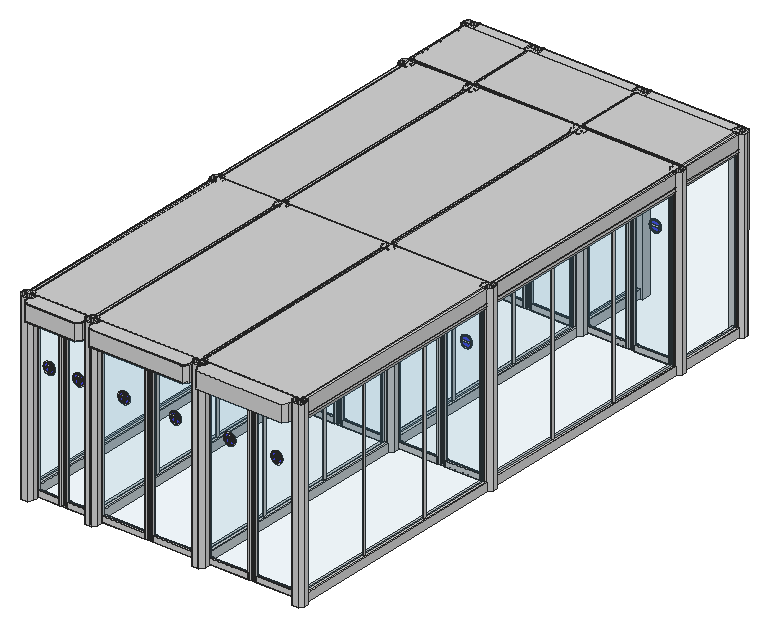
Revit family "ASSA_ABLOY_SecurityPortals_EL_Triple", category Doors, Revit 2020 (continued)
Definition of nested family "Panel"
  Automatic sketch dimensions
    curve 1 to Extrusion 6 sketch curve = 15.00 mm
    Extrusion 6 sketch curve to curve 1 = 8.00 mm
    Extrusion 6 sketch curve to Extrusion 6 sketch curve = 215.45 mm
    curve 1 to Sweep 7 sketch curve = 0.00 mm
    curve 1 to Sweep 7 sketch curve = 1.002 mm
    Sweep 8 sketch curve to curve 1 = 8.00 mm
    Sweep 8 sketch curve to Sweep 8 sketch curve = 1.00 mm
    curve 1 to Sweep 9 sketch curve = 0.00 mm
    curve 1 to Sweep 9 sketch curve = 1.002 mm
    Sweep 10 sketch curve to curve 1 = 8.00 mm
    Sweep 10 sketch curve to Sweep 10 sketch curve = 1.00 mm
    curve 2 to curve 1 = 0.00 mm  (x2)
    curve 1 to curve 2 = 8.00 mm
    Sweep 1 sketch curve to profile plane = 0.00 mm
    profile plane to Sweep 1 sketch curve = 0.00 mm
    Sweep 1 sketch curve to profile plane = 12.00 mm
    Sweep 1 sketch curve to Sweep 1 sketch curve = 3.00 mm
    profile plane to Sweep 1 sketch curve = 2.00 mm
    Sweep 1 sketch curve to Sweep 1 sketch curve = 13.00 mm
    Sweep 1 sketch curve to profile plane = 11.40 mm
    Sweep 1 sketch curve to Sweep 1 sketch curve = 1.829 mm
    Sweep 1 sketch curve to Sweep 1 sketch curve = 9.771 mm  (x2)
    Sweep 2 sketch curve to profile plane = 15.001 mm
    Sweep 2 sketch curve to Sweep 2 sketch curve = 3.001 mm
    Sweep 2 sketch curve to profile plane = 11.461 mm
    Sweep 2 sketch curve to profile plane = 4.002 mm
    profile plane to Sweep 2 sketch curve = 1.998 mm
    profile plane to Sweep 2 sketch curve = 4.00 mm
    Sweep 2 sketch curve to Sweep 2 sketch curve = 7.459 mm
    Sweep 2 sketch curve to Sweep 2 sketch curve = 13.00 mm
    profile plane to Sweep 2 sketch curve = 50.643 mm
    Sweep 2 sketch curve to Sweep 2 sketch curve = 0.00 mm
    Sweep 2 sketch curve to Sweep 2 sketch curve = 11.593 mm
    Sweep 2 sketch curve to Sweep 2 sketch curve = 3.40 mm  (x2)
    profile plane to Sweep 2 sketch curve = 13.245 mm  (x2)
    profile plane to Sweep 2 sketch curve = 7.655 mm  (x2)
    Sweep 2 sketch curve to profile plane = 7.349 mm
    curve 1 to Sweep 4 sketch curve = 33.008 mm
    curve 4 to curve 12 = 0.00 mm
    curve 12 to curve 4 = 8.00 mm
    curve 12 to curve 4 = 0.00 mm
    curve 5 to curve 13 = 0.00 mm
    curve 13 to curve 5 = 8.00 mm
    curve 13 to curve 5 = 0.00 mm
    curve 6 to curve 14 = 0.00 mm
    curve 14 to curve 6 = 8.00 mm
    curve 14 to curve 6 = 0.00 mm
    curve 7 to curve 15 = 0.00 mm
    curve 15 to curve 7 = 8.00 mm
    curve 15 to curve 7 = 0.00 mm
    curve 8 to curve 16 = 0.00 mm
    curve 16 to curve 8 = 8.00 mm
    curve 16 to curve 8 = 0.00 mm
    curve 9 to curve 17 = 0.00 mm
    curve 17 to curve 9 = 8.00 mm
    curve 17 to curve 9 = 0.00 mm
    curve 10 to curve 18 = 0.00 mm
    curve 18 to curve 10 = 8.00 mm
    curve 18 to curve 10 = 0.00 mm
    Sweep 11 sketch curve to profile plane = 15.001 mm
    Sweep 11 sketch curve to Sweep 11 sketch curve = 3.00 mm
    profile plane to Sweep 11 sketch curve = 2.65 mm  (x2)
    Sweep 11 sketch curve to profile plane = 11.999 mm
    Sweep 11 sketch curve to profile plane = 4.999 mm
    Sweep 11 sketch curve to profile plane = 4.50 mm
    profile plane to Sweep 11 sketch curve = 1.998 mm
    profile plane to Sweep 11 sketch curve = 4.50 mm
    profile plane to Sweep 11 sketch curve = 4.997 mm
    Sweep 11 sketch curve to Sweep 11 sketch curve = 7.00 mm
    Sweep 11 sketch curve to Sweep 11 sketch curve = 13.00 mm
    Sweep 11 sketch curve to Sweep 11 sketch curve = 11.50 mm
    Sweep 11 sketch curve to Sweep 11 sketch curve = 2.50 mm  (x2)
    Sweep 11 sketch curve to Sweep 11 sketch curve = 19.00 mm  (x2)
    Sweep 11 sketch curve to Sweep 11 sketch curve = 3.40 mm
    Sweep 11 sketch curve to Sweep 11 sketch curve = 11.593 mm
    Sweep 11 sketch curve to Sweep 11 sketch curve = 14.993 mm
    curve 19 to Sweep 5 sketch curve = 23.00 mm
    curve 3 to curve 20 = 0.00 mm
    curve 20 to curve 3 = 8.00 mm
    curve 20 to curve 3 = 0.00 mm
    curve 23 to curve 24 = 176.65 mm
    curve 21 to curve 25 = 176.65 mm
    curve 1 to curve 29 = 0.00 mm
    curve 27 to curve 29 = 3.60 mm
    curve 21 to curve 30 = 173.05 mm
    curve 29 to curve 27 = 4.00 mm
    curve 33 to curve 25 = 12.998 mm
    curve 23 to curve 34 = 3.00 mm
    curve 35 to curve 25 = 13.00 mm
    curve 36 to curve 36 = 3.00 mm
    curve 11 to curve 1 = 0.00 mm  (x2)
    curve 19 to curve 1 = 0.00 mm  (x2)
    curve 3 to curve 1 = 0.00 mm
    curve 4 to curve 1 = 0.00 mm
    curve 10 to curve 1 = 0.00 mm
    curve 5 to curve 1 = 0.00 mm
    curve 9 to curve 1 = 0.00 mm
    curve 6 to curve 1 = 0.00 mm
    curve 8 to curve 1 = 0.00 mm
    curve 7 to curve 1 = 0.00 mm
    curve 1 to curve 11 = 40.00 mm
    curve 3 to curve 1 = 27.063 mm
    curve 6 to curve 1 = 37.698 mm
    curve 5 to curve 6 = 0.00 mm
    curve 4 to curve 5 = 0.00 mm
    curve 7 to curve 1 = 40.00 mm
    curve 1 to curve 10 = 40.00 mm
    curve 9 to curve 10 = 0.00 mm
    curve 8 to curve 9 = 0.00 mm
    radius of Sweep 7 sketch curve = 75.00 mm
    radius of Sweep 7 sketch curve = 65.00 mm
    radius of Sweep 8 sketch curve = 75.00 mm
    radius of Sweep 8 sketch curve = 65.00 mm
    radius of Sweep 9 sketch curve = 65.00 mm
    radius of Sweep 10 sketch curve = 65.00 mm
Definition of nested family "Advance"
  Parameters (values of type "Advance")
    Width = 500.00 mm
    URL = ""
    Type Comments = ""
    ThirdPassageWidth = 500.00 mm
    Thickness = 0.00 mm
    Sensor = none
    SecondPassageWidth = 500.00 mm
    Rubber = none
    Rough Width = 979.00 mm
    Rough Height = 2515.00 mm
    PassageWidth = 500.00 mm
    PassageHeight = 2100.00 mm
    PanelGlass = none
    PHeight = if(PassageHeight > MinHeight, if(PassageHeight < MaxHeight, PassageHeight, MaxHeight), MinHeight)  # 2150.00 mm
    Operation = "Automatic"
    Model = ""
    MinHeight = 2150.00 mm  # constant formula
    MaxHeight = 2300.00 mm  # constant formula
    Manufacturer = ""
    Length = 500.00 mm
    Keynote = ""
    Height = 2515.00 mm
    Function = 1
    Frames = none
    FrameMaterial = none
    Fire Rating = ""
    Description = ""
    Cost = 0
    Construction Type = "Automatic Sliding Door"
    Assembly Code = ""
    Analytic Construction = "<None>"
    Alarm = none
    3Row [instance] = no
    2RowPoll [instance] = not(or([3Row], [1Row]))  # no
    2Row [instance] = no
    1Row [instance] = not(or([2Row], [3Row]))  # yes
  Reference planes
    plane 1 "Entry": y = 0
    plane 2: z = 0
    plane 3 "Center (Left/Right)": x = 0
    plane 4 "Top": z = 2311
    plane 5 "PH": z = 2100
    plane 6: x = -250
    plane 7: x = 250
    plane 8: x = 273.1
    plane 9: x = -273.1
    plane 10: x = 328.05
    plane 11: x = 336.25
    plane 12: x = -328.05
    plane 13: x = -336.25
    plane 14: z = 70.9
    plane 15: z = 2080.9
    plane 16: x = -248.75
    plane 17: x = -414.5
    plane 18: x = -664.5
    plane 19: x = -914.5
    plane 20: x = -1079
    plane 21: x = -1329
    plane 22: x = -1579
    plane 23: x = -1743.5
    plane 24: x = -996.75
    plane 25: x = -1661.25
    plane 26: x = -1665.35
    plane 27: x = -1657.15
    plane 28: x = -992.65
    plane 29: x = -1000.85
    plane 30: x = -293.15
    plane 31: x = 293.15
    plane 32: x = -371.15
    plane 33: x = -957.75
    plane 34: x = -1035.75
    plane 35: x = -1622.25
    plane 36: y = 500
    plane 37: x = -376.75
    plane 38: x = -952.25
    plane 39: x = -1041.25
    plane 40: x = -1616.75
    plane 41: y = 646.21
    plane 42: y = 651.81
    plane 43: y = 649.58
  Forms (mm)
    Sweep 1, solid, material <- "Frames"
      path origin (0, -40, 2100) x (-1, 0, 0) y (0, -1, 0)
        loop
          line (-250, -40) -> (-250, -540)
      profile origin (250, 250, 2100) x (-1, 0, 0) y (0, 0, 1)
        loop
          line (-60.47, -28.7) -> (-43.15, 1.3) -> (-43.15, 38.1) -> (-115.65, 38.1)
          arc (-115.65, 38.1) -> (-118.125, 39.125) -> (-119.15, 41.6) r 3.5
          line (-119.15, 41.6) -> (-119.15, 105.35) -> (-46.15, 105.35) -> (-46.15, 142.35) -> (-119.15, 142.35) -> (-119.15, 206.6)
          arc (-119.15, 206.6) -> (-118.271, 208.721) -> (-116.15, 209.6) r 3
          line (-116.15, 209.6) -> (-71.15, 209.6) -> (-71.15, 211.6) -> (-116.15, 211.6)
          arc (-116.15, 211.6) -> (-119.686, 210.136) -> (-121.15, 206.6) r 5
          line (-121.15, 206.6) -> (-121.15, 41.6)
          arc (-121.15, 41.6) -> (-119.539, 37.711) -> (-115.65, 36.1) r 5.5
          line (-115.65, 36.1) -> (-115.65, 35.1) -> (-121.15, 35.1) -> (-121.15, 1.3) -> (-103.83, -28.7) -> (-92.15, -28.7) -> (-92.15, -33.1) -> (-89.15, -33.1) -> (-89.15, -19.1) -> (-75.15, -19.1) -> (-75.15, -33.1) -> (-72.15, -33.1) -> (-72.15, -28.7) -> (-60.47, -28.7)
    Sweep 2, solid, material <- "Frames"
      path origin (0, -40, 2100) x (1, 0, 0) y (0, -1, 0)
        loop
          line (-250, -40) -> (-250, -540)
      profile origin (-250, 250, 2100) x (-1, 0, 0) y (0, 0, 1)
        loop
          line (60.47, -28.7) -> (72.15, -28.7) -> (72.15, -33.1) -> (75.15, -33.1) -> (75.15, -19.1) -> (89.15, -19.1) -> (89.15, -33.1) -> (92.15, -33.1) -> (92.15, -28.7) -> (103.83, -28.7) -> (121.15, 1.3) -> (121.15, 35.1) -> (115.65, 35.1) -> (115.65, 36.1)
          arc (115.65, 36.1) -> (119.539, 37.711) -> (121.15, 41.6) r 5.5
          line (121.15, 41.6) -> (121.15, 206.6)
          arc (121.15, 206.6) -> (119.686, 210.136) -> (116.15, 211.6) r 5
          line (116.15, 211.6) -> (71.15, 211.6) -> (71.15, 209.6) -> (116.15, 209.6)
          arc (116.15, 209.6) -> (118.271, 208.721) -> (119.15, 206.6) r 3
          line (119.15, 206.6) -> (119.15, 142.35) -> (46.15, 142.35) -> (46.15, 105.35) -> (119.15, 105.35) -> (119.15, 41.6)
          arc (119.15, 41.6) -> (118.125, 39.125) -> (115.65, 38.1) r 3.5
          line (115.65, 38.1) -> (43.15, 38.1) -> (43.15, 1.3) -> (60.47, -28.7)
    Extrusion 3, solid, material <- "Frames"
      sketch origin (0, -45, 2100) x (-1, 0, 0) y (0, -1, 0)
        loop
          line (293.15, -45) -> (-293.15, -45) -> (-293.15, -545) -> (-250, -545) -> (-250, -631.253) -> (-287.465, -691.21) -> (-287.465, -694.58) -> (285.794, -694.58) -> (285.794, -692.412) -> (250, -666.476) -> (250, -545) -> (293.15, -545) -> (293.15, -45)
      from 0 to 10
    Extrusion 4, solid, material <- "Frames", visible <- "2Row"
      sketch origin (-814.5, -45, 2100) x (-1, 0, 0) y (0, -1, 0)
        loop
          line (143.25, -45) -> (-443.35, -45) -> (-443.35, -545) -> (-400, -545) -> (-400, -666.608) -> (-435.75, -692.573) -> (-435.75, -694.58) -> (135.719, -694.58) -> (135.719, -692.548) -> (100, -666.667) -> (100, -545) -> (143.25, -545) -> (143.25, -45)
      from 0 to 10
    Extrusion 5, solid, material <- "Frames", visible <- "3Row"
      sketch origin (-1629, -45, 2100) x (-1, 0, 0) y (0, -1, 0)
        loop
          line (-6.75, -45) -> (-593.25, -45) -> (-593.25, -545) -> (-550, -545) -> (-550, -666.34) -> (-584.242, -691.21) -> (-12.535, -691.21) -> (-50, -666.399) -> (-50, -545) -> (-6.75, -545) -> (-6.75, -45)
      from 0 to 10
    Sweep 6, solid, material <- "Frames", visible <- "2Row"
      path origin (-814.6, -40, 2100) x (1, 0, 0) y (0, -1, 0)
        loop
          line (-100, -40) -> (-100, -540)
      profile origin (-914.6, 250, 2100) x (-1, 0, 0) y (0, 0, 1)
        loop
          line (60.47, -28.7) -> (72.15, -28.7) -> (72.15, -33.1) -> (75.15, -33.1) -> (75.15, -19.1) -> (89.15, -19.1) -> (89.15, -33.1) -> (92.15, -33.1) -> (92.15, -28.7) -> (103.83, -28.7) -> (121.15, 1.3) -> (121.15, 35.1) -> (115.65, 35.1) -> (115.65, 36.1)
          arc (115.65, 36.1) -> (119.539, 37.711) -> (121.15, 41.6) r 5.5
          line (121.15, 41.6) -> (121.15, 206.6)
          arc (121.15, 206.6) -> (119.686, 210.136) -> (116.15, 211.6) r 5
          line (116.15, 211.6) -> (71.15, 211.6) -> (71.15, 209.6) -> (116.15, 209.6)
          arc (116.15, 209.6) -> (118.271, 208.721) -> (119.15, 206.6) r 3
          line (119.15, 206.6) -> (119.15, 142.35) -> (46.15, 142.35) -> (46.15, 105.35) -> (119.15, 105.35) -> (119.15, 41.6)
          arc (119.15, 41.6) -> (118.125, 39.125) -> (115.65, 38.1) r 3.5
          line (115.65, 38.1) -> (43.15, 38.1) -> (43.15, 1.3) -> (60.47, -28.7)
    Sweep 7, solid, material <- "Frames", visible <- "3Row"
      path origin (-1629.1, -40, 2100) x (1, 0, 0) y (0, -1, 0)
        loop
          line (50, -40) -> (50, -540)
      profile origin (-1579.1, 250, 2100) x (-1, 0, 0) y (0, 0, 1)
        loop
          line (60.47, -28.7) -> (72.15, -28.7) -> (72.15, -33.1) -> (75.15, -33.1) -> (75.15, -19.1) -> (89.15, -19.1) -> (89.15, -33.1) -> (92.15, -33.1) -> (92.15, -28.7) -> (103.83, -28.7) -> (121.15, 1.3) -> (121.15, 35.1) -> (115.65, 35.1) -> (115.65, 36.1)
          arc (115.65, 36.1) -> (119.539, 37.711) -> (121.15, 41.6) r 5.5
          line (121.15, 41.6) -> (121.15, 206.6)
          arc (121.15, 206.6) -> (119.686, 210.136) -> (116.15, 211.6) r 5
          line (116.15, 211.6) -> (71.15, 211.6) -> (71.15, 209.6) -> (116.15, 209.6)
          arc (116.15, 209.6) -> (118.271, 208.721) -> (119.15, 206.6) r 3
          line (119.15, 206.6) -> (119.15, 142.35) -> (46.15, 142.35) -> (46.15, 105.35) -> (119.15, 105.35) -> (119.15, 41.6)
          arc (119.15, 41.6) -> (118.125, 39.125) -> (115.65, 38.1) r 3.5
          line (115.65, 38.1) -> (43.15, 38.1) -> (43.15, 1.3) -> (60.47, -28.7)
    Sweep 8, solid, material <- "Frames"
      path origin (0, -22.55, 0) x (1, 0, 0) y (0, 0, 1)
        loop
          line (250, 0) -> (250, 2311)
      profile origin (250, -22.55, 1155.5) x (1, 0, 0) y (0, 1, 0)
        loop
          line (37.465, 668.76) -> (0, 608.803) -> (0, 522.55) -> (69.55, 522.55) -> (69.55, 542.55) -> (94.75, 542.55) -> (94.75, 522.55) -> (126.752, 522.55) -> (164.5, 560.298) -> (164.5, 608.803) -> (127.035, 668.76) -> (37.465, 668.76)
        loop
          line (93.15, 643.76) -> (93.15, 630.06) -> (84.65, 630.06) -> (84.65, 593.5) -> (121.65, 593.5) -> (121.65, 584) -> (144.6, 584) -> (144.6, 605.303) -> (162, 605.303) -> (162, 607.057) -> (127.78, 661.863) -> (110.85, 661.863) -> (110.85, 653.76) -> (100.15, 653.76) -> (100.15, 643.76) -> (93.15, 643.76)
        loop
          line (71.15, 643.76) -> (64.15, 643.76) -> (64.15, 653.76) -> (53.45, 653.76) -> (53.45, 661.863) -> (36.52, 661.863) -> (2.3, 607.057) -> (2.3, 605.303) -> (19.9, 605.303) -> (19.9, 584) -> (42.65, 584) -> (42.65, 593.5) -> (79.65, 593.5) -> (79.65, 630.06) -> (71.15, 630.06) -> (71.15, 643.76)
        loop
          line (102.6, 579) -> (102.6, 532.05) -> (106, 532.05) -> (106, 529.26) -> (129.934, 529.26) -> (162, 561.326) -> (162, 579) -> (102.6, 579)
    Extrusion 9, solid, material <- "PanelGlass"
      sketch origin (0, 40, 0) x (1, 0, 0) y (0, 1, 0)
        loop
          line (336.25, 475) -> (328.05, 475) -> (328.05, -40) -> (336.25, -40) -> (336.25, 475)
      from 70.9 to 2080.9
    Extrusion 10, solid, material <- "PanelGlass"
      sketch origin (0, 40, 0) x (-1, 0, 0) y (0, -1, 0)
        loop
          line (336.25, -460) -> (336.25, 40) -> (328.05, 40) -> (328.05, -460) -> (336.25, -460)
      from 70.9 to 2080.9
    Sweep 11, solid, material <- "Frames"
      path origin (0, 40, 0) x (1, 0, 0) y (0, -1, 0)
        loop
          line (250, -460) -> (250, 40)
      profile origin (250, 250, 0) x (1, 0, 0) y (0, 0, 1)
        loop
          line (39.65, 0) -> (124.65, 0) -> (124.65, 105)
          arc (124.65, 105) -> (123.186, 108.536) -> (119.65, 110) r 5
          line (119.65, 110) -> (91.65, 110) -> (91.65, 70) -> (72.65, 70) -> (72.65, 110) -> (44.65, 110)
          arc (44.65, 110) -> (41.114, 108.536) -> (39.65, 105) r 5
          line (39.65, 105) -> (39.65, 0)
    Sweep 12, solid, material <- "Frames"
      path origin (0, 40, 0) x (-1, 0, 0) y (0, -1, 0)
        loop
          line (250, -460) -> (250, 40)
      profile origin (-250, 250, 0) x (1, 0, 0) y (0, 0, 1)
        loop
          line (-39.65, 0) -> (-39.65, 105)
          arc (-39.65, 105) -> (-41.114, 108.536) -> (-44.65, 110) r 5
          line (-44.65, 110) -> (-72.65, 110) -> (-72.65, 70) -> (-91.65, 70) -> (-91.65, 110) -> (-119.65, 110)
          arc (-119.65, 110) -> (-123.186, 108.536) -> (-124.65, 105) r 5
          line (-124.65, 105) -> (-124.65, 0) -> (-39.65, 0)
    Sweep 13, solid, material <- "Frames", visible <- "2Row"
      path origin (-1339.42, -282.539, 0) x (1, 0, 0) y (0, 0, -1)
        loop
          line (925, 0) -> (925, -2311)
      profile origin (-414.42, -282.539, 1155.5) x (1, 0, 0) y (0, 1, 0)
        loop
          line (34.215, 928.749) -> (-0.08, 903.84) -> (-0.08, 782.539) -> (164.42, 782.539) -> (164.42, 904.015) -> (130.285, 928.749) -> (82.04, 928.749) -> (34.215, 928.749)
        loop
          line (93.15, 903.827) -> (93.15, 890.127) -> (84.65, 890.127) -> (84.65, 853.567) -> (121.65, 853.567) -> (121.65, 844.067) -> (144.6, 844.067) -> (144.6, 865.37) -> (162, 865.37) -> (162, 897.135) -> (127.78, 921.93) -> (110.85, 921.93) -> (110.85, 913.827) -> (100.15, 913.827) -> (100.15, 903.827) -> (93.15, 903.827)
        loop
          line (71.15, 903.827) -> (64.15, 903.827) -> (64.15, 913.827) -> (53.45, 913.827) -> (53.45, 921.93) -> (36.52, 921.93) -> (2.3, 897.076) -> (2.3, 865.311) -> (19.9, 865.311) -> (19.9, 844.008) -> (42.65, 844.008) -> (42.65, 853.508) -> (79.65, 853.508) -> (79.65, 890.127) -> (71.15, 890.127) -> (71.15, 903.827)
    Sweep 14, solid, material <- "Frames", visible <- "1Row"
      path origin (0, -522.55, 0) x (-1, 0, 0) y (0, 0, 1)
        loop
          line (250, 0) -> (250, 2311)
      profile origin (-250, -522.55, 1155.5) x (1, 0, 0) y (0, 1, 0)
        loop
          line (-37.465, 1168.76) -> (-127.035, 1168.76) -> (-164.5, 1108.803) -> (-164.5, 1060.298) -> (-126.752, 1022.55) -> (-94.75, 1022.55) -> (-94.75, 1042.55) -> (-69.55, 1042.55) -> (-69.55, 1022.55) -> (0, 1022.55) -> (0, 1108.803) -> (-37.465, 1168.76)
        loop
          line (-93.15, 1143.76) -> (-100.15, 1143.76) -> (-100.15, 1153.76) -> (-110.85, 1153.76) -> (-110.85, 1161.863) -> (-127.78, 1161.863) -> (-162, 1107.057) -> (-162, 1105.303) -> (-144.6, 1105.303) -> (-144.6, 1084) -> (-121.65, 1084) -> (-121.65, 1093.5) -> (-84.65, 1093.5) -> (-84.65, 1130.06) -> (-93.15, 1130.06) -> (-93.15, 1143.76)
        loop
          line (-71.15, 1143.76) -> (-71.15, 1130.06) -> (-79.65, 1130.06) -> (-79.65, 1093.5) -> (-42.65, 1093.5) -> (-42.65, 1084) -> (-19.9, 1084) -> (-19.9, 1105.303) -> (-2.3, 1105.303) -> (-2.3, 1107.057) -> (-36.52, 1161.863) -> (-53.45, 1161.863) -> (-53.45, 1153.76) -> (-64.15, 1153.76) -> (-64.15, 1143.76) -> (-71.15, 1143.76)
        loop
          line (-102.6, 1079) -> (-162, 1079) -> (-162, 1061.326) -> (-129.934, 1029.26) -> (-106, 1029.26) -> (-106, 1032.05) -> (-102.6, 1032.05) -> (-102.6, 1079)
    Sweep 15, solid, material <- "Frames", visible <- "3Row"
      path origin (-1629, -522.55, 0) x (-1, 0, 0) y (0, 0, 1)
        loop
          line (-50, 0) -> (-50, 2311)
      profile origin (-1579, -522.55, 1155.5) x (1, 0, 0) y (0, 1, 0)
        loop
          line (-37.465, 1168.76) -> (-127.035, 1168.76) -> (-164.5, 1108.803) -> (-164.5, 1060.298) -> (-126.752, 1022.55) -> (-94.75, 1022.55) -> (-94.75, 1042.55) -> (-69.55, 1042.55) -> (-69.55, 1022.55) -> (0, 1022.55) -> (0, 1143.949) -> (-37.465, 1168.76)
        loop
          line (-93.15, 1143.76) -> (-100.15, 1143.76) -> (-100.15, 1153.76) -> (-110.85, 1153.76) -> (-110.85, 1161.863) -> (-127.78, 1161.863) -> (-162, 1107.057) -> (-162, 1105.303) -> (-144.6, 1105.303) -> (-144.6, 1084) -> (-121.65, 1084) -> (-121.65, 1093.5) -> (-84.65, 1093.5) -> (-84.65, 1130.06) -> (-93.15, 1130.06) -> (-93.15, 1143.76)
        loop
          line (-71.15, 1143.76) -> (-71.15, 1130.06) -> (-79.65, 1130.06) -> (-79.65, 1093.5) -> (-42.65, 1093.5) -> (-42.65, 1084) -> (-19.9, 1084) -> (-19.9, 1105.303) -> (-2.3, 1105.303) -> (-2.3, 1139.201) -> (-36.52, 1161.863) -> (-53.45, 1161.863) -> (-53.45, 1153.76) -> (-64.15, 1153.76) -> (-64.15, 1143.76) -> (-71.15, 1143.76)
        loop
          line (-102.6, 1079) -> (-162, 1079) -> (-162, 1061.326) -> (-129.934, 1029.26) -> (-106, 1029.26) -> (-106, 1032.05) -> (-102.6, 1032.05) -> (-102.6, 1079)
    Sweep 16, solid, material <- "Frames", visible <- "3Row"
      path origin (-2154, -61.231, -896.253) x (1, 0, 0) y (0, 0, -1)
        loop
          line (1075, -896.253) -> (1075, -3207.253)
      profile origin (-1079, -61.231, 1155.5) x (1, 0, 0) y (0, 1, 0)
        loop
          line (34.242, 707.441) -> (0, 682.571) -> (0, 561.231) -> (164.5, 561.231) -> (164.5, 682.629) -> (130.258, 707.441) -> (79.653, 707.441) -> (34.242, 707.441)
        loop
          line (93.15, 682.499) -> (93.15, 668.799) -> (84.65, 668.799) -> (84.65, 632.239) -> (121.65, 632.239) -> (121.65, 622.739) -> (144.6, 622.739) -> (144.6, 644.042) -> (162, 644.042) -> (162, 675.807) -> (127.78, 700.602) -> (110.85, 700.602) -> (110.85, 692.499) -> (100.15, 692.499) -> (100.15, 682.499) -> (93.15, 682.499)
        loop
          line (71.15, 682.499) -> (64.15, 682.499) -> (64.15, 692.499) -> (53.45, 692.499) -> (53.45, 700.602) -> (36.52, 700.602) -> (2.3, 675.748) -> (2.3, 643.984) -> (19.9, 643.984) -> (19.9, 622.681) -> (42.65, 622.681) -> (42.65, 632.181) -> (79.65, 632.181) -> (79.65, 668.799) -> (71.15, 668.799) -> (71.15, 682.499)
    Sweep 17, solid, material <- "Frames", visible <- "2RowPoll"
      path origin (-814.5, -522.55, 0) x (-1, 0, 0) y (0, 0, 1)
        loop
          line (100, 0) -> (100, 2311)
      profile origin (-914.5, -522.55, 1155.5) x (1, 0, 0) y (0, 1, 0)
        loop
          line (-34.242, 1168.76) -> (-130.258, 1168.76) -> (-164.5, 1143.89) -> (-164.5, 1060.298) -> (-126.752, 1022.55) -> (-94.75, 1022.55) -> (-94.75, 1042.55) -> (-69.55, 1042.55) -> (-69.55, 1022.55) -> (0, 1022.55) -> (0, 1143.949) -> (-34.242, 1168.76)
        loop
          line (-93.15, 1143.76) -> (-100.15, 1143.76) -> (-100.15, 1153.76) -> (-110.85, 1153.76) -> (-110.85, 1161.863) -> (-128.061, 1161.863) -> (-162.2, 1137.068) -> (-162.2, 1105.303) -> (-144.6, 1105.303) -> (-144.6, 1084) -> (-121.65, 1084) -> (-121.65, 1093.5) -> (-84.65, 1093.5) -> (-84.65, 1130.06) -> (-93.15, 1130.06) -> (-93.15, 1143.76)
        loop
          line (-71.15, 1143.76) -> (-71.15, 1130.06) -> (-79.65, 1130.06) -> (-79.65, 1093.5) -> (-42.65, 1093.5) -> (-42.65, 1084) -> (-19.9, 1084) -> (-19.9, 1105.303) -> (-2.5, 1105.303) -> (-2.5, 1137.127) -> (-36.639, 1161.863) -> (-53.45, 1161.863) -> (-53.45, 1153.76) -> (-64.15, 1153.76) -> (-64.15, 1143.76) -> (-71.15, 1143.76)
        loop
          line (-102.6, 1079) -> (-162, 1079) -> (-162, 1061.326) -> (-129.934, 1029.26) -> (-106, 1029.26) -> (-106, 1032.05) -> (-102.6, 1032.05) -> (-102.6, 1079)
    Extrusion 18, solid, material <- "PanelGlass", visible <- "2Row"
      sketch origin (-814.6, 40, 0) x (-1, 0, 0) y (0, -1, 0)
        loop
          line (186.25, -460) -> (186.25, 40) -> (178.05, 40) -> (178.05, -460) -> (186.25, -460)
      from 70.9 to 2080.9
    Sweep 19, solid, material <- "Frames", visible <- "2Row"
      path origin (-814.6, 40, 0) x (-1, 0, 0) y (0, -1, 0)
        loop
          line (100, -460) -> (100, 40)
      profile origin (-914.6, 250, 0) x (1, 0, 0) y (0, 0, 1)
        loop
          line (-39.65, 0) -> (-39.65, 105)
          arc (-39.65, 105) -> (-41.114, 108.536) -> (-44.65, 110) r 5
          line (-44.65, 110) -> (-72.65, 110) -> (-72.65, 70) -> (-91.65, 70) -> (-91.65, 110) -> (-119.65, 110)
          arc (-119.65, 110) -> (-123.186, 108.536) -> (-124.65, 105) r 5
          line (-124.65, 105) -> (-124.65, 0) -> (-39.65, 0)
    Extrusion 20, solid, material <- "PanelGlass", visible <- "3Row"
      sketch origin (-1629.1, 40, 0) x (-1, 0, 0) y (0, -1, 0)
        loop
          line (36.25, -460) -> (36.25, 40) -> (28.05, 40) -> (28.05, -460) -> (36.25, -460)
      from 70.9 to 2080.9
    Sweep 21, solid, material <- "Frames", visible <- "3Row"
      path origin (-1629.1, 40, 0) x (-1, 0, 0) y (0, -1, 0)
        loop
          line (-50, -460) -> (-50, 40)
      profile origin (-1579.1, 250, 0) x (1, 0, 0) y (0, 0, 1)
        loop
          line (-39.65, 0) -> (-39.65, 105)
          arc (-39.65, 105) -> (-41.114, 108.536) -> (-44.65, 110) r 5
          line (-44.65, 110) -> (-72.65, 110) -> (-72.65, 70) -> (-91.65, 70) -> (-91.65, 110) -> (-119.65, 110)
          arc (-119.65, 110) -> (-123.186, 108.536) -> (-124.65, 105) r 5
          line (-124.65, 105) -> (-124.65, 0) -> (-39.65, 0)
    Extrusion 22, solid, material <- "Frames"
      sketch origin (0, -301.032, 2311) x (-1, 0, 0) y (0, -1, 0)
        loop
          line (285.719, -952.842) -> (285.719, -948.58) -> (250, -922.699) -> (250, -801.032) -> (-250, -801.032) -> (-250, -887.55) -> (-285.719, -944.712) -> (-285.719, -952.842) -> (285.719, -952.842)
      from 0 to -10
    Extrusion 23, solid, material <- "Frames", visible <- "2Row"
      sketch origin (-814.5, -301.032, 2311) x (-1, 0, 0) y (0, -1, 0)
        loop
          line (135.719, -952.842) -> (135.719, -948.58) -> (100, -922.699) -> (100, -816.3) -> (-400, -816.3) -> (-400, -922.64) -> (-435.719, -948.582) -> (-435.719, -952.842) -> (135.719, -952.842)
      from 0 to -10
    Extrusion 24, solid, material <- "Frames", visible <- "3Row"
      sketch origin (-1629, -301.032, 2311) x (-1, 0, 0) y (0, -1, 0)
        loop
          line (-14.281, -950.612) -> (-14.281, -946.041) -> (-50, -922.386) -> (-50, -801.032) -> (-550, -801.032) -> (-550, -922.328) -> (-585.719, -948.27) -> (-585.719, -950.612) -> (-14.281, -950.612)
      from 0 to -10
    Extrusion 25, solid, material <- "Frames", visible <- "2Row"
      sketch origin (-814.5, 683.968, 2100) x (-1, 0, 0) y (0, -1, 0)
        loop
          line (137.75, 37.758) -> (135.75, 37.758) -> (135.75, 34.388) -> (-435.75, 34.388) -> (-435.75, 37.758) -> (-437.75, 37.758) -> (-437.75, 32.158) -> (137.75, 32.158) -> (137.75, 37.758)
      from 0 to 211
    Extrusion 26, solid, material <- "Frames", visible <- "3Row"
      sketch origin (-1629, 683.968, 2100) x (-1, 0, 0) y (0, -1, 0)
        loop
          line (-12.25, 37.758) -> (-14.25, 37.758) -> (-14.25, 34.389) -> (-585.75, 34.389) -> (-585.75, 37.758) -> (-587.75, 37.758) -> (-587.75, 32.158) -> (-12.25, 32.158) -> (-12.25, 37.758)
      from 0 to 211
    Extrusion 27, solid, material <- "Frames"
      sketch origin (-1.8, -1583.05, -399.937) x (0, 1, 0) y (0, 0, 1)
        loop
          line (2083.05, 2710.937) -> (2083.05, 2722.5)
          arc (2083.05, 2722.5) -> (2081.878, 2725.328) -> (2079.05, 2726.5) r 4
          line (2079.05, 2726.5) -> (1587.05, 2726.5)
          arc (1587.05, 2726.5) -> (1584.222, 2725.328) -> (1583.05, 2722.5) r 4
          line (1583.05, 2722.5) -> (1583.05, 2710.937) -> (2083.05, 2710.937)
      from -326.25 to 329.85
    Extrusion 28, solid, material <- "Frames", visible <- "2Row"
      sketch origin (-631.5, -1583.05, -399.937) x (0, 1, 0) y (0, 0, 1)
        loop
          line (2083.05, 2710.937) -> (2083.05, 2722.5)
          arc (2083.05, 2722.5) -> (2081.878, 2725.328) -> (2079.05, 2726.5) r 4
          line (2079.05, 2726.5) -> (1587.05, 2726.5)
          arc (1587.05, 2726.5) -> (1584.222, 2725.328) -> (1583.05, 2722.5) r 4
          line (1583.05, 2722.5) -> (1583.05, 2710.937) -> (2083.05, 2710.937)
      from -361.15 to 295.25
    Extrusion 29, solid, material <- "Frames", visible <- "3Row"
      sketch origin (-1331.5, -1583.05, -399.937) x (0, 1, 0) y (0, 0, 1)
        loop
          line (2083.05, 2710.937) -> (2083.05, 2722.5)
          arc (2083.05, 2722.5) -> (2081.878, 2725.328) -> (2079.05, 2726.5) r 4
          line (2079.05, 2726.5) -> (1587.05, 2726.5)
          arc (1587.05, 2726.5) -> (1584.222, 2725.328) -> (1583.05, 2722.5) r 4
          line (1583.05, 2722.5) -> (1583.05, 2710.937) -> (2083.05, 2710.937)
      from -325.65 to 330.65
    Extrusion 30, solid, material <- "Frames"
      sketch origin (-150.285, 683.968, 2100) x (-1, 0, 0) y (0, -1, 0)
        loop
          line (137.75, 37.758) -> (135.75, 37.758) -> (135.75, 34.388) -> (-435.75, 34.388) -> (-435.75, 37.758) -> (-437.75, 37.758) -> (-437.75, 32.158) -> (137.75, 32.158) -> (137.75, 37.758)
      from 0 to 211
  Cuts and joins
    joined: Sweep 1, Sweep 2
  Lines and regions (mm)
    symbolic lines, detail levels medium
      curve 1: line (336.25, 126.21, 0) -> (328.05, 126.21, 0)
    reference lines
      curve 2: line (-336.25, 500, 0) -> (-336.25, 0, 0)
      curve 3: line (336.25, 500, 0) -> (336.25, 0, 0)
  Dimensions and locks
    "PassageHeight": plane 5 "PH" to plane 2
    plane 4 "Top" to plane 5 "PH" = 211.00 mm
    locked: plane 5 "PH" to plane 15 at 19.1
    locked: plane 4 "Top" to plane 5 "PH" at 211
    locked: plane 27 to plane 35 at 34.9
    locked: plane 34 to plane 29 at 34.9
    locked: plane 28 to plane 33 at 34.9
    locked: plane 32 to plane 13 at 34.9
    locked: plane 12 to plane 30 at 34.9
    locked: plane 31 to plane 10 at 34.9
    equal spacing: plane 6, plane 3 "Center (Left/Right)", plane 7
    "PassageWidth": plane 6 to plane 7
    locked: plane 7 to plane 8 at 23.1
    locked: plane 9 to plane 6 at 23.1
    locked: plane 8 to plane 10 at 54.95
    locked: plane 10 to plane 11 at 8.2
    locked: plane 9 to plane 12 at 54.95
    locked: plane 12 to plane 13 at 8.2
    locked: plane 6 to plane 16 at 1.25
    locked: plane 17 to plane 16 at 165.75
    equal spacing: plane 19, plane 18, plane 17
    "SecondPassageWidth": plane 19 to plane 17
    locked: plane 20 to plane 19 at 164.5
    equal spacing: plane 22, plane 21, plane 20
    "ThirdPassageWidth": plane 22 to plane 20
    locked: plane 23 to plane 22 at 164.5
    locked: plane 17 to plane 37 at 37.75
    locked: plane 38 to plane 19 at 37.75
    locked: plane 20 to plane 39 at 37.75
    locked: plane 40 to plane 22 at 37.75
    locked: plane 28 to plane 19 at 78.15
    locked: plane 20 to plane 29 at 78.15
    plane 27 to plane 22 = 78.15 mm
    locked: plane 23 to plane 26 at 78.15
    locked: plane 25 to plane 27 at 4.1
    locked: plane 24 to plane 28 at 4.1
    "Length": plane 36 to plane 1 "Entry"
    plane 36 to plane 41 = 146.21 mm
    locked: plane 41 to plane 42 at 5.6
    plane 43 to plane 42 = 2.23 mm
    locked: plane 36 to plane 41 at 146.21
    aligned and locked: level to plane 2
    aligned and locked: plane 7 to Sweep 8 sketch curve
    aligned and locked: plane 10 to Extrusion 9 sketch curve
    aligned and locked: plane 11 to Extrusion 9 sketch curve
    aligned and locked: Extrusion 10 sketch curve to plane 13
    aligned and locked: Extrusion 10 sketch curve to plane 12
    aligned and locked: plane 7 to Sweep 11 sketch curve
    aligned and locked: curve 2 to plane 13
    aligned and locked: plane 11 to curve 3
    aligned and locked: Sweep 8 to plane 7
    aligned and locked: plane 6 to Sweep 14
    aligned and locked: plane 22 to Sweep 15
    aligned and locked: Sweep 15 to plane 23
    aligned and locked: plane 19 to Sweep 16
    aligned and locked: Sweep 16 to plane 20
    aligned and locked: Sweep 17 to plane 20
    aligned and locked: plane 19 to Sweep 17
    aligned and locked: Extrusion 9 sketch curve to plane 1 "Entry"
    aligned and locked: Sweep 11 sketch curve to plane 36
    aligned and locked: plane 1 "Entry" to Sweep 11 sketch curve
    aligned and locked: Extrusion 10 sketch curve to plane 36
    aligned and locked: Extrusion 10 sketch curve to plane 1 "Entry"
    aligned and locked: Sweep 12 sketch curve to plane 36
    aligned and locked: plane 1 "Entry" to Sweep 12 sketch curve
    aligned and locked: Sweep 21 sketch curve to plane 36
    aligned and locked: plane 1 "Entry" to Sweep 21 sketch curve
    aligned and locked: Extrusion 20 sketch curve to plane 1 "Entry"
    aligned and locked: plane 26 to Extrusion 20 sketch curve
    aligned and locked: plane 27 to Extrusion 20 sketch curve
    aligned and locked: Extrusion 20 sketch curve to plane 36
    aligned and locked: plane 1 "Entry" to Sweep 19 sketch curve
    aligned and locked: Sweep 19 sketch curve to plane 36
    aligned and locked: Extrusion 18 sketch curve to plane 1 "Entry"
    aligned and locked: Extrusion 18 sketch curve to plane 36
    aligned and locked: plane 29 to Extrusion 18 sketch curve
    aligned and locked: plane 28 to Extrusion 18 sketch curve
    aligned and locked: plane 36 to Sweep 2 sketch curve
    aligned and locked: plane 1 "Entry" to Sweep 2 sketch curve
    aligned and locked: plane 36 to Sweep 1 sketch curve
    aligned and locked: plane 1 "Entry" to Sweep 1 sketch curve
    aligned and locked: plane 36 to Sweep 6 sketch curve
    aligned and locked: plane 1 "Entry" to Sweep 6 sketch curve
    aligned and locked: plane 36 to Sweep 7 sketch curve
    aligned and locked: plane 1 "Entry" to Sweep 7 sketch curve
    aligned and locked: Extrusion 5 sketch curve to plane 1 "Entry"
    aligned and locked: Extrusion 5 sketch curve to plane 35
    aligned and locked: plane 34 to Extrusion 5 sketch curve
    aligned and locked: Extrusion 4 sketch curve to plane 1 "Entry"
    aligned and locked: Extrusion 4 sketch curve to plane 33
    aligned and locked: plane 32 to Extrusion 4 sketch curve
    aligned and locked: Extrusion 3 sketch curve to plane 1 "Entry"
    aligned and locked: Extrusion 3 sketch curve to plane 30
    aligned and locked: plane 31 to Extrusion 3 sketch curve
    aligned and locked: Sweep 8 sketch curve to plane 36  (x2)
    aligned and locked: plane 36 to Sweep 14 sketch curve  (x2)
    aligned and locked: plane 36 to Sweep 17 sketch curve  (x2)
    aligned and locked: plane 36 to Sweep 15 sketch curve  (x2)
    aligned and locked: plane 15 to Extrusion 9
    aligned and locked: plane 15 to Extrusion 10
    aligned and locked: plane 15 to Extrusion 18
    aligned and locked: Sweep 6 to plane 15
    aligned and locked: plane 15 to Extrusion 20
    aligned and locked: Extrusion 24 sketch curve to plane 36
    aligned and locked: Extrusion 24 sketch curve to plane 20
    aligned and locked: plane 22 to Extrusion 24 sketch curve
    aligned and locked: plane 42 to Extrusion 26 sketch curve
    aligned and locked: Extrusion 26 sketch curve to plane 41
    aligned and locked: plane 41 to Extrusion 26 sketch curve
    aligned and locked: plane 43 to Extrusion 24 sketch curve
    aligned and locked: plane 42 to Extrusion 25 sketch curve
    aligned and locked: plane 43 to Extrusion 25 sketch curve
    aligned and locked: Extrusion 25 sketch curve to plane 41
    aligned and locked: plane 41 to Extrusion 25 sketch curve
    aligned and locked: plane 42 to Extrusion 23 sketch curve
    aligned and locked: plane 42 to Extrusion 22 sketch curve
    aligned and locked: Extrusion 22 sketch curve to plane 36
    aligned and locked: Extrusion 22 sketch curve to plane 7
    aligned and locked: plane 6 to Extrusion 22 sketch curve
    aligned and locked: Extrusion 27 to plane 4 "Top"  (x2)
    aligned and locked: Extrusion 27 sketch curve to plane 36
    aligned and locked: Extrusion 27 to plane 10
    aligned and locked: Extrusion 27 to plane 12
    aligned and locked: Extrusion 28 to plane 4 "Top"
    aligned and locked: Extrusion 29 to plane 4 "Top"
    aligned and locked: plane 27 to Extrusion 29
    aligned and locked: Extrusion 29 to plane 29
    aligned and locked: plane 28 to Extrusion 28
    aligned and locked: plane 13 to Extrusion 28
    aligned and locked: Extrusion 28 sketch curve to plane 36
    aligned and locked: Extrusion 28 sketch curve to plane 1 "Entry"
    aligned and locked: Extrusion 27 sketch curve to plane 1 "Entry"
    aligned and locked: plane 4 "Top" to Extrusion 27 sketch curve
    aligned and locked: Sweep 13 sketch curve to plane 36
    aligned and locked: Sweep 13 sketch curve to plane 17
    aligned and locked: Sweep 13 sketch curve to plane 6
    aligned and locked: plane 41 to Sweep 13 sketch curve
    aligned and locked: Sweep 16 to plane 36
    aligned and locked: Sweep 16 sketch curve to plane 36
    aligned and locked: plane 41 to Sweep 16 sketch curve
    aligned and locked: Sweep 16 sketch curve to plane 19
    aligned and locked: plane 20 to Sweep 16 sketch curve
    aligned and locked: plane 42 to Extrusion 30 sketch curve
    aligned and locked: plane 43 to Extrusion 30 sketch curve
    aligned and locked: plane 41 to Extrusion 5 sketch curve
    aligned and locked: plane 20 to Extrusion 5 sketch curve
    aligned and locked: Extrusion 5 sketch curve to plane 36  (x2)
    aligned and locked: Extrusion 5 sketch curve to plane 22
    aligned and locked: plane 43 to Extrusion 3 sketch curve
  Automatic sketch dimensions
    plane 1 "Entry" to curve 2 = 0.00 mm
    plane 1 "Entry" to curve 3 = 0.00 mm
    curve 2 to plane 36 = 0.00 mm
    curve 3 to plane 36 = 0.00 mm
    Sweep 1 sketch curve to plane 7 = 0.00 mm
    Sweep 1 sketch curve to Sweep 1 sketch curve = 0.00 mm  (x6)
    plane 5 "PH" to Sweep 1 sketch curve = 41.60 mm
    profile plane to Sweep 1 sketch curve = 121.15 mm
    Sweep 1 sketch curve to Sweep 1 sketch curve = 2.00 mm
    Sweep 1 sketch curve to Sweep 1 sketch curve = 3.00 mm  (x3)
    Sweep 1 sketch curve to Sweep 1 sketch curve = 3.50 mm
    Sweep 1 sketch curve to plane 5 "PH" = 28.70 mm
    Sweep 1 sketch curve to Sweep 1 sketch curve = 17.32 mm  (x2)
    Sweep 1 sketch curve to Sweep 1 sketch curve = 11.68 mm  (x2)
    Sweep 1 sketch curve to Sweep 1 sketch curve = 14.00 mm
    Sweep 1 sketch curve to Sweep 1 sketch curve = 45.00 mm
    profile plane to Sweep 1 sketch curve = 46.15 mm
    plane 5 "PH" to Sweep 1 sketch curve = 1.30 mm  (x2)
    Sweep 1 sketch curve to Sweep 1 sketch curve = 4.40 mm  (x3)
    Sweep 1 sketch curve to Sweep 1 sketch curve = 9.60 mm
    Sweep 1 sketch curve to Sweep 1 sketch curve = 1.00 mm
    Sweep 1 sketch curve to Sweep 1 sketch curve = 63.75 mm
    Sweep 1 sketch curve to Sweep 1 sketch curve = 37.00 mm
    Sweep 1 sketch curve to Sweep 1 sketch curve = 64.25 mm
    Sweep 2 sketch curve to plane 6 = 0.00 mm
    Sweep 2 sketch curve to Sweep 2 sketch curve = 0.00 mm  (x5)
    Sweep 2 sketch curve to profile plane = 43.15 mm
    Sweep 2 sketch curve to profile plane = 46.15 mm
    Sweep 2 sketch curve to plane 5 "PH" = 28.70 mm  (x2)
    Sweep 2 sketch curve to Sweep 2 sketch curve = 17.32 mm
    Sweep 2 sketch curve to profile plane = 71.15 mm
    Sweep 2 sketch curve to Sweep 2 sketch curve = 11.68 mm  (x2)
    Sweep 2 sketch curve to Sweep 2 sketch curve = 3.00 mm  (x2)
    Sweep 2 sketch curve to Sweep 2 sketch curve = 14.00 mm
    plane 5 "PH" to Sweep 2 sketch curve = 41.60 mm
    Sweep 2 sketch curve to Sweep 2 sketch curve = 26.50 mm
    Sweep 2 sketch curve to Sweep 2 sketch curve = 45.00 mm
    Sweep 2 sketch curve to Sweep 2 sketch curve = 3.50 mm
    Sweep 2 sketch curve to Sweep 2 sketch curve = 5.50 mm
    Sweep 2 sketch curve to Sweep 2 sketch curve = 2.00 mm
    Sweep 2 sketch curve to Sweep 2 sketch curve = 4.40 mm  (x2)
    Sweep 2 sketch curve to Sweep 2 sketch curve = 9.60 mm
    plane 5 "PH" to Sweep 2 sketch curve = 1.30 mm  (x2)
    Sweep 2 sketch curve to Sweep 2 sketch curve = 1.00 mm
    Sweep 2 sketch curve to Sweep 2 sketch curve = 63.75 mm
    Sweep 2 sketch curve to Sweep 2 sketch curve = 37.00 mm
    Sweep 2 sketch curve to Sweep 2 sketch curve = 64.25 mm
    Sweep 6 sketch curve to plane 19 = 0.10 mm
    Sweep 6 sketch curve to Sweep 6 sketch curve = 0.00 mm  (x5)
    Sweep 6 sketch curve to profile plane = 43.15 mm
    Sweep 6 sketch curve to profile plane = 46.15 mm
    Sweep 6 sketch curve to plane 5 "PH" = 28.70 mm  (x2)
    Sweep 6 sketch curve to Sweep 6 sketch curve = 17.32 mm
    Sweep 6 sketch curve to profile plane = 71.15 mm
    Sweep 6 sketch curve to Sweep 6 sketch curve = 11.68 mm  (x2)
    Sweep 6 sketch curve to Sweep 6 sketch curve = 3.00 mm  (x2)
    Sweep 6 sketch curve to Sweep 6 sketch curve = 14.00 mm
    plane 5 "PH" to Sweep 6 sketch curve = 41.60 mm
    Sweep 6 sketch curve to Sweep 6 sketch curve = 26.50 mm
    Sweep 6 sketch curve to Sweep 6 sketch curve = 45.00 mm
    Sweep 6 sketch curve to Sweep 6 sketch curve = 3.50 mm
    Sweep 6 sketch curve to Sweep 6 sketch curve = 5.50 mm
    Sweep 6 sketch curve to Sweep 6 sketch curve = 2.00 mm
    Sweep 6 sketch curve to Sweep 6 sketch curve = 4.40 mm  (x2)
    Sweep 6 sketch curve to Sweep 6 sketch curve = 9.60 mm
    plane 5 "PH" to Sweep 6 sketch curve = 1.30 mm  (x2)
    Sweep 6 sketch curve to Sweep 6 sketch curve = 1.00 mm
    Sweep 6 sketch curve to Sweep 6 sketch curve = 63.75 mm
    Sweep 6 sketch curve to Sweep 6 sketch curve = 37.00 mm
    Sweep 6 sketch curve to Sweep 6 sketch curve = 64.25 mm
    Sweep 7 sketch curve to plane 22 = 0.10 mm
    Sweep 7 sketch curve to Sweep 7 sketch curve = 0.00 mm  (x5)
    Sweep 7 sketch curve to profile plane = 43.15 mm
    Sweep 7 sketch curve to profile plane = 46.15 mm
    Sweep 7 sketch curve to plane 5 "PH" = 28.70 mm  (x2)
    Sweep 7 sketch curve to Sweep 7 sketch curve = 17.32 mm
    Sweep 7 sketch curve to profile plane = 71.15 mm
    Sweep 7 sketch curve to Sweep 7 sketch curve = 11.68 mm  (x2)
    Sweep 7 sketch curve to Sweep 7 sketch curve = 3.00 mm  (x2)
    Sweep 7 sketch curve to Sweep 7 sketch curve = 14.00 mm
    plane 5 "PH" to Sweep 7 sketch curve = 41.60 mm
    Sweep 7 sketch curve to Sweep 7 sketch curve = 26.50 mm
    Sweep 7 sketch curve to Sweep 7 sketch curve = 45.00 mm
    Sweep 7 sketch curve to Sweep 7 sketch curve = 3.50 mm
    Sweep 7 sketch curve to Sweep 7 sketch curve = 5.50 mm
    Sweep 7 sketch curve to Sweep 7 sketch curve = 2.00 mm
    Sweep 7 sketch curve to Sweep 7 sketch curve = 4.40 mm  (x2)
    Sweep 7 sketch curve to Sweep 7 sketch curve = 9.60 mm
    plane 5 "PH" to Sweep 7 sketch curve = 1.30 mm  (x2)
    Sweep 7 sketch curve to Sweep 7 sketch curve = 1.00 mm
    Sweep 7 sketch curve to Sweep 7 sketch curve = 63.75 mm
    Sweep 7 sketch curve to Sweep 7 sketch curve = 37.00 mm
    Sweep 7 sketch curve to Sweep 7 sketch curve = 64.25 mm
    Sweep 8 sketch curve to level = 0.00 mm
    Sweep 8 sketch curve to plane 4 "Top" = 0.00 mm
    Sweep 8 sketch curve to profile plane = 0.00 mm
    Sweep 8 sketch curve to profile plane = 2.30 mm
    Sweep 8 sketch curve to profile plane = 19.90 mm
    Sweep 8 sketch curve to profile plane = 36.52 mm
    Sweep 8 sketch curve to Sweep 8 sketch curve = 0.946 mm
    Sweep 8 sketch curve to Sweep 8 sketch curve = 22.75 mm
    Sweep 8 sketch curve to Sweep 8 sketch curve = 16.93 mm
    Sweep 8 sketch curve to Sweep 8 sketch curve = 10.70 mm  (x2)
    Sweep 8 sketch curve to Sweep 8 sketch curve = 26.90 mm
    Sweep 8 sketch curve to Sweep 8 sketch curve = 7.00 mm  (x2)
    Sweep 8 sketch curve to Sweep 8 sketch curve = 8.50 mm  (x2)
    Sweep 8 sketch curve to Sweep 8 sketch curve = 5.00 mm  (x2)
    Sweep 8 sketch curve to Sweep 8 sketch curve = 25.20 mm
    Sweep 8 sketch curve to Sweep 8 sketch curve = 17.95 mm
    Sweep 8 sketch curve to Sweep 8 sketch curve = 3.40 mm
    Sweep 8 sketch curve to Sweep 8 sketch curve = 19.05 mm
    Sweep 8 sketch curve to Sweep 8 sketch curve = 20.752 mm
    Sweep 8 sketch curve to Sweep 8 sketch curve = 16.185 mm
    Sweep 8 sketch curve to Sweep 8 sketch curve = 0.746 mm
    Sweep 8 sketch curve to Sweep 8 sketch curve = 3.182 mm
    Sweep 8 sketch curve to Sweep 8 sketch curve = 22.95 mm
    Sweep 8 sketch curve to Sweep 8 sketch curve = 17.40 mm  (x2)
    Sweep 8 sketch curve to Sweep 8 sketch curve = 2.50 mm
    Sweep 8 sketch curve to Sweep 8 sketch curve = 6.71 mm
    Sweep 8 sketch curve to Sweep 8 sketch curve = 2.79 mm
    Sweep 8 sketch curve to Sweep 8 sketch curve = 20.00 mm
    Sweep 8 sketch curve to Sweep 8 sketch curve = 31.038 mm
    Sweep 8 sketch curve to Sweep 8 sketch curve = 1.028 mm
    Sweep 8 sketch curve to Sweep 8 sketch curve = 36.45 mm
    Sweep 8 sketch curve to Sweep 8 sketch curve = 61.45 mm
    Sweep 8 sketch curve to Sweep 8 sketch curve = 14.50 mm
    Sweep 8 sketch curve to Sweep 8 sketch curve = 0.00 mm  (x2)
    Sweep 8 sketch curve to Sweep 8 sketch curve = 21.303 mm  (x2)
    Sweep 8 sketch curve to Sweep 8 sketch curve = 1.754 mm  (x2)
    Sweep 8 sketch curve to Sweep 8 sketch curve = 1.746 mm  (x2)
    Sweep 8 sketch curve to Sweep 8 sketch curve = 36.56 mm
    Sweep 8 sketch curve to Sweep 8 sketch curve = 13.70 mm  (x2)
    Sweep 8 sketch curve to Sweep 8 sketch curve = 10.00 mm  (x2)
    Sweep 8 sketch curve to Sweep 8 sketch curve = 8.103 mm  (x2)
    Sweep 8 sketch curve to Sweep 8 sketch curve = 6.897 mm
    Extrusion 9 sketch curve to plane 36 = 15.00 mm
    Sweep 11 sketch curve to level = 0.00 mm
    Sweep 11 sketch curve to profile plane = 39.65 mm
    Sweep 11 sketch curve to Sweep 11 sketch curve = 5.00 mm  (x2)
    Sweep 11 sketch curve to Sweep 11 sketch curve = 28.00 mm  (x2)
    Sweep 11 sketch curve to Sweep 11 sketch curve = 19.00 mm
    level to Sweep 11 sketch curve = 70.00 mm
    Sweep 11 sketch curve to Sweep 11 sketch curve = 35.00 mm  (x2)
    Sweep 12 sketch curve to plane 6 = 0.00 mm
    Sweep 12 sketch curve to level = 0.00 mm
    profile plane to Sweep 12 sketch curve = 124.65 mm
    Sweep 12 sketch curve to Sweep 12 sketch curve = 5.00 mm  (x2)
    Sweep 12 sketch curve to Sweep 12 sketch curve = 28.00 mm  (x2)
    Sweep 12 sketch curve to Sweep 12 sketch curve = 19.00 mm
    level to Sweep 12 sketch curve = 70.00 mm
    Sweep 12 sketch curve to Sweep 12 sketch curve = 35.00 mm  (x2)
    curve 1 to curve 3 = 0.00 mm
    curve 3 to curve 1 = 8.20 mm
    curve 1 to curve 3 = 126.21 mm
    Sweep 13 sketch curve to plane 4 "Top" = 0.00 mm
    Sweep 13 sketch curve to level = 0.00 mm
    plane 17 to Sweep 13 sketch curve = 0.08 mm
    Sweep 13 sketch curve to profile plane = 2.30 mm
    Sweep 13 sketch curve to profile plane = 19.90 mm
    Sweep 13 sketch curve to profile plane = 34.215 mm
    Sweep 13 sketch curve to Sweep 13 sketch curve = 2.304 mm
    Sweep 13 sketch curve to Sweep 13 sketch curve = 22.75 mm
    Sweep 13 sketch curve to Sweep 13 sketch curve = 16.93 mm  (x2)
    Sweep 13 sketch curve to Sweep 13 sketch curve = 10.70 mm  (x2)
    Sweep 13 sketch curve to Sweep 13 sketch curve = 7.00 mm  (x2)
    Sweep 13 sketch curve to Sweep 13 sketch curve = 37.00 mm  (x2)
    Sweep 13 sketch curve to Sweep 13 sketch curve = 17.89 mm
    Sweep 13 sketch curve to Sweep 13 sketch curve = 5.00 mm
    Sweep 13 sketch curve to Sweep 13 sketch curve = 8.50 mm
    Sweep 13 sketch curve to Sweep 13 sketch curve = 2.504 mm
    Sweep 13 sketch curve to Sweep 13 sketch curve = 22.95 mm
    Sweep 13 sketch curve to Sweep 13 sketch curve = 17.40 mm
    Sweep 13 sketch curve to Sweep 13 sketch curve = 61.47 mm
    Sweep 13 sketch curve to Sweep 13 sketch curve = 61.528 mm
    Sweep 13 sketch curve to Sweep 13 sketch curve = 9.50 mm  (x2)
    Sweep 13 sketch curve to Sweep 13 sketch curve = 21.303 mm  (x2)
    Sweep 13 sketch curve to Sweep 13 sketch curve = 36.56 mm
    Sweep 13 sketch curve to Sweep 13 sketch curve = 0.00 mm
    Sweep 13 sketch curve to Sweep 13 sketch curve = 31.765 mm  (x2)
    Sweep 13 sketch curve to Sweep 13 sketch curve = 13.70 mm  (x2)
    Sweep 13 sketch curve to Sweep 13 sketch curve = 6.764 mm
    Sweep 13 sketch curve to Sweep 13 sketch curve = 6.88 mm
    Sweep 13 sketch curve to Sweep 13 sketch curve = 10.00 mm  (x2)
    Sweep 13 sketch curve to Sweep 13 sketch curve = 8.103 mm  (x2)
    Sweep 14 sketch curve to plane 4 "Top" = 0.00 mm
    plane 6 to Sweep 14 sketch curve = 0.00 mm
    Sweep 14 sketch curve to level = 0.00 mm
    Sweep 14 sketch curve to profile plane = 0.00 mm
    profile plane to Sweep 14 sketch curve = 2.30 mm
    profile plane to Sweep 14 sketch curve = 19.90 mm
    profile plane to Sweep 14 sketch curve = 36.52 mm
    Sweep 14 sketch curve to Sweep 14 sketch curve = 0.946 mm
    Sweep 14 sketch curve to Sweep 14 sketch curve = 22.75 mm
    Sweep 14 sketch curve to Sweep 14 sketch curve = 16.93 mm
    Sweep 14 sketch curve to Sweep 14 sketch curve = 10.70 mm  (x2)
    Sweep 14 sketch curve to Sweep 14 sketch curve = 26.90 mm
    Sweep 14 sketch curve to Sweep 14 sketch curve = 7.00 mm  (x2)
    Sweep 14 sketch curve to Sweep 14 sketch curve = 8.50 mm  (x2)
    Sweep 14 sketch curve to Sweep 14 sketch curve = 5.00 mm  (x2)
    Sweep 14 sketch curve to Sweep 14 sketch curve = 25.20 mm
    Sweep 14 sketch curve to Sweep 14 sketch curve = 17.95 mm
    Sweep 14 sketch curve to Sweep 14 sketch curve = 3.40 mm
    Sweep 14 sketch curve to Sweep 14 sketch curve = 19.05 mm
    Sweep 14 sketch curve to Sweep 14 sketch curve = 20.752 mm
    Sweep 14 sketch curve to Sweep 14 sketch curve = 16.185 mm
    Sweep 14 sketch curve to Sweep 14 sketch curve = 0.746 mm
    Sweep 14 sketch curve to Sweep 14 sketch curve = 3.182 mm
    Sweep 14 sketch curve to Sweep 14 sketch curve = 22.95 mm
    Sweep 14 sketch curve to Sweep 14 sketch curve = 17.40 mm  (x2)
    Sweep 14 sketch curve to Sweep 14 sketch curve = 2.50 mm
    Sweep 14 sketch curve to Sweep 14 sketch curve = 6.71 mm
    Sweep 14 sketch curve to Sweep 14 sketch curve = 2.79 mm
    Sweep 14 sketch curve to Sweep 14 sketch curve = 20.00 mm
    Sweep 14 sketch curve to Sweep 14 sketch curve = 31.038 mm
    Sweep 14 sketch curve to Sweep 14 sketch curve = 1.028 mm
    Sweep 14 sketch curve to Sweep 14 sketch curve = 36.45 mm
    Sweep 14 sketch curve to Sweep 14 sketch curve = 61.45 mm
    Sweep 14 sketch curve to Sweep 14 sketch curve = 14.50 mm
    Sweep 14 sketch curve to Sweep 14 sketch curve = 0.00 mm  (x2)
    Sweep 14 sketch curve to Sweep 14 sketch curve = 21.303 mm  (x2)
    Sweep 14 sketch curve to Sweep 14 sketch curve = 1.754 mm  (x2)
    Sweep 14 sketch curve to Sweep 14 sketch curve = 1.746 mm  (x2)
    Sweep 14 sketch curve to Sweep 14 sketch curve = 36.56 mm
    Sweep 14 sketch curve to Sweep 14 sketch curve = 13.70 mm  (x2)
    Sweep 14 sketch curve to Sweep 14 sketch curve = 10.00 mm  (x2)
    Sweep 14 sketch curve to Sweep 14 sketch curve = 8.103 mm  (x2)
    Sweep 14 sketch curve to Sweep 14 sketch curve = 6.897 mm
    Sweep 15 sketch curve to plane 4 "Top" = 0.00 mm
    plane 22 to Sweep 15 sketch curve = 0.00 mm
    Sweep 15 sketch curve to level = 0.00 mm
    Sweep 15 sketch curve to profile plane = 0.00 mm
    profile plane to Sweep 15 sketch curve = 2.30 mm
    profile plane to Sweep 15 sketch curve = 19.90 mm
    profile plane to Sweep 15 sketch curve = 36.52 mm
    Sweep 15 sketch curve to Sweep 15 sketch curve = 0.946 mm
    Sweep 15 sketch curve to Sweep 15 sketch curve = 22.75 mm
    Sweep 15 sketch curve to Sweep 15 sketch curve = 16.93 mm
    Sweep 15 sketch curve to Sweep 15 sketch curve = 10.70 mm  (x2)
    Sweep 15 sketch curve to Sweep 15 sketch curve = 26.90 mm
    Sweep 15 sketch curve to Sweep 15 sketch curve = 7.00 mm  (x2)
    Sweep 15 sketch curve to Sweep 15 sketch curve = 8.50 mm  (x2)
    Sweep 15 sketch curve to Sweep 15 sketch curve = 5.00 mm  (x2)
    Sweep 15 sketch curve to Sweep 15 sketch curve = 25.20 mm
    Sweep 15 sketch curve to Sweep 15 sketch curve = 17.95 mm
    Sweep 15 sketch curve to Sweep 15 sketch curve = 3.40 mm
    Sweep 15 sketch curve to Sweep 15 sketch curve = 19.05 mm
    Sweep 15 sketch curve to Sweep 15 sketch curve = 20.752 mm
    Sweep 15 sketch curve to Sweep 15 sketch curve = 16.185 mm
    Sweep 15 sketch curve to Sweep 15 sketch curve = 0.746 mm
    Sweep 15 sketch curve to Sweep 15 sketch curve = 3.182 mm
    Sweep 15 sketch curve to Sweep 15 sketch curve = 22.95 mm
    Sweep 15 sketch curve to Sweep 15 sketch curve = 17.40 mm  (x2)
    Sweep 15 sketch curve to Sweep 15 sketch curve = 2.50 mm
    Sweep 15 sketch curve to Sweep 15 sketch curve = 6.71 mm
    Sweep 15 sketch curve to Sweep 15 sketch curve = 2.79 mm
    Sweep 15 sketch curve to Sweep 15 sketch curve = 20.00 mm
    Sweep 15 sketch curve to Sweep 15 sketch curve = 31.038 mm
    Sweep 15 sketch curve to Sweep 15 sketch curve = 1.028 mm
    Sweep 15 sketch curve to Sweep 15 sketch curve = 36.45 mm
    Sweep 15 sketch curve to Sweep 15 sketch curve = 41.45 mm
    Sweep 15 sketch curve to Sweep 15 sketch curve = 14.50 mm
    Sweep 15 sketch curve to Sweep 15 sketch curve = 9.50 mm
    Sweep 15 sketch curve to Sweep 15 sketch curve = 26.303 mm
    Sweep 15 sketch curve to Sweep 15 sketch curve = 21.303 mm
    Sweep 15 sketch curve to Sweep 15 sketch curve = 1.754 mm
    Sweep 15 sketch curve to Sweep 15 sketch curve = 1.746 mm
    Sweep 15 sketch curve to Sweep 15 sketch curve = 36.56 mm
    Sweep 15 sketch curve to Sweep 15 sketch curve = 0.00 mm
    Sweep 15 sketch curve to Sweep 15 sketch curve = 33.898 mm
    Sweep 15 sketch curve to Sweep 15 sketch curve = 13.70 mm  (x2)
    Sweep 15 sketch curve to Sweep 15 sketch curve = 4.748 mm
    Sweep 15 sketch curve to Sweep 15 sketch curve = 10.00 mm  (x2)
    Sweep 15 sketch curve to Sweep 15 sketch curve = 8.103 mm  (x2)
    Sweep 15 sketch curve to Sweep 15 sketch curve = 6.897 mm
    Sweep 16 sketch curve to plane 4 "Top" = 0.00 mm
    plane 20 to Sweep 16 sketch curve = 0.00 mm
    Sweep 16 sketch curve to level = 0.00 mm
    Sweep 16 sketch curve to profile plane = 2.30 mm
    Sweep 16 sketch curve to profile plane = 19.90 mm
    Sweep 16 sketch curve to profile plane = 34.242 mm
    Sweep 16 sketch curve to Sweep 16 sketch curve = 2.277 mm
    Sweep 16 sketch curve to Sweep 16 sketch curve = 22.75 mm
    Sweep 16 sketch curve to Sweep 16 sketch curve = 16.93 mm  (x2)
    Sweep 16 sketch curve to Sweep 16 sketch curve = 10.70 mm  (x2)
    Sweep 16 sketch curve to Sweep 16 sketch curve = 7.00 mm  (x2)
    Sweep 16 sketch curve to Sweep 16 sketch curve = 37.00 mm  (x2)
    Sweep 16 sketch curve to Sweep 16 sketch curve = 15.503 mm
    Sweep 16 sketch curve to Sweep 16 sketch curve = 5.00 mm
    Sweep 16 sketch curve to Sweep 16 sketch curve = 8.50 mm
    Sweep 16 sketch curve to Sweep 16 sketch curve = 2.477 mm
    Sweep 16 sketch curve to Sweep 16 sketch curve = 22.95 mm
    Sweep 16 sketch curve to Sweep 16 sketch curve = 17.40 mm
    Sweep 16 sketch curve to Sweep 16 sketch curve = 61.45 mm
    Sweep 16 sketch curve to Sweep 16 sketch curve = 61.509 mm
    Sweep 16 sketch curve to Sweep 16 sketch curve = 9.50 mm  (x2)
    Sweep 16 sketch curve to Sweep 16 sketch curve = 21.303 mm  (x2)
    Sweep 16 sketch curve to Sweep 16 sketch curve = 36.56 mm
    Sweep 16 sketch curve to Sweep 16 sketch curve = 0.00 mm
    Sweep 16 sketch curve to Sweep 16 sketch curve = 31.765 mm  (x2)
    Sweep 16 sketch curve to Sweep 16 sketch curve = 13.70 mm  (x2)
    Sweep 16 sketch curve to Sweep 16 sketch curve = 6.822 mm  (x2)
    Sweep 16 sketch curve to Sweep 16 sketch curve = 10.00 mm  (x2)
